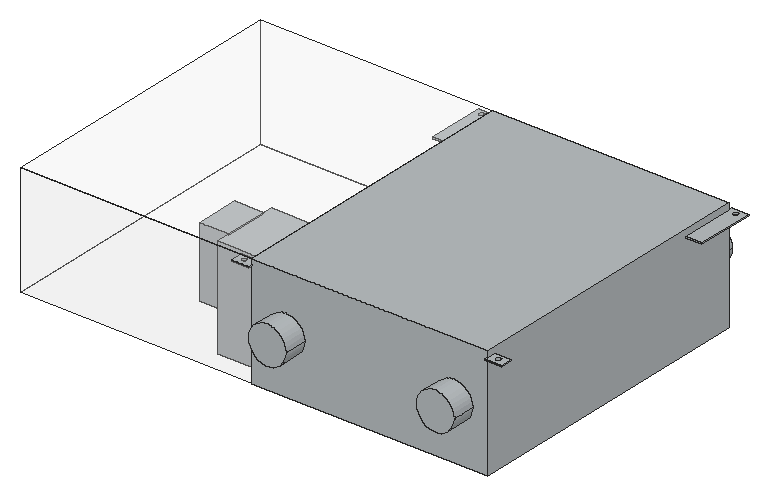
Revit family "2_天井埋込形 標準機種 100-200V_60Hz", category 機械設備, Revit 2019
Family settings
  丸型コネクタ寸法 = 直径を使用
  パーツ タイプ = 割り込み
  OmniClass 番号 = 23.75.10.34.21
  OmniClass タイトル = Heat Exchangers for Ventilation Air
  作業面ベース = いいえ
  常に垂直 = はい
  ロード時にボイドで切り取り = いいえ
  共有 = いいえ
  部屋計算ポイント = はい
Parameters (values of type "LGH-RN15RXV")
  騒音レベル(dB(A)) = 31
  風量 = MAX風量  # 150.0 m³/h
  面風速 = 5.31 m/s
  電源種別 [instance] = "一般"
  電圧 = 100 V
  電動機出力 = 0 W
  集中コントローラ = ""
  運転質量 = 0.00 kg
  連動 [instance] = ""
  質量 = if(製品質量 > 運転質量, 製品質量, 運転質量) * 1.2  # 27.60 kg
  負荷分類 = 3_ファン類
  説明 = "業務用ロスナイ 天井埋込形 DCリプレースマイコン"
  設計風量 = 0.0 m³/h
  設置方法 = "天井吊(隠ぺい)形"
  記号 [instance] = ""
  製造元 = "三菱電機株式会社"
  製品質量 = 23.00 kg
  製品出荷対象 = "国内"
  製品リリース年月 = "2020年7月20日"
  製品グループ = ""
  系統 [instance] = ""
  符号 [instance] = "HEU"
  積算_科目 = "1 空気調和設備"
  積算_拾い区分 [instance] = ""
  相 = 1
  盤記号 [instance] = ""
  発停方法 [instance] = "別売リモコン"
  特殊仕様 [instance] = ""
  点検口高さ = -Height / 2  # -145 mm
  点検口 = yes
  火災停止 [instance] = ""
  温度交換効率_特強 = 74.00%
  温度交換効率_強 = 74.00%
  温度交換効率_弱 = 78.00%
  消費電力 = 85 W
  法定耐用年数 = "15"
  機外静圧_排気 = 210.0 Pa
  機外静圧 = 210.0 Pa
  極数 = 2
  材質 [instance] = ""
  本体マテリアル = 溶融亜鉛めっき鋼板
  操作・制御方式 = ""
  操作・制御スイッチ = ""
  排気量 = 0.0 m³/h
  形式 = "天井埋込ダクト形"
  形名 = LGH-RN-2 : LGH-RN15-2
  幹線記号 [instance] = ""
  対象室 [instance] = ""
  始動方式 [instance] = "直入"
  外気量 = 設計風量  # 0.0 m³/h
  呼称 = "全熱交換ユニット"
  周波数 = 60 Hz
  吊りボルト-W = 658 mm
  吊りボルト-D = 768 mm
  参照している仕様書等のバージョン = "公共建築工事標準仕様書（機械設備工事編）平成31年度版"
  初期抵抗 = 0.0 Pa
  分類コード = "50052500000000"
  分類グループ = ""
  価格 = 219000
  企業コード = "108420"
  付属品_フィルター_還気 = ""
  付属品_フィルター = ""
  付属品 [instance] = ""
  仕様書バージョン = "Version1.0"
  モデル = "LGH-RN15RXV"
  ドレン管径 = 0 mm
  OAダクト変更表示 = no
  EAダクト変更表示 = no
  サービススペース = yes
  コメント [instance] = ""
  Keynote = ""
  エンタルピ交換効率_暖房_特強 = 75.50%
  エンタルピ交換効率_暖房_強 = 75.50%
  エンタルピ交換効率_暖房_弱 = 79.00%
  エンタルピ交換効率_冷房_特強 = 64.50%
  エンタルピ交換効率_冷房_強 = 64.50%
  エンタルピ交換効率_冷房_弱 = 69.00%
  Width = 610 mm
  Version = ""
  Uniclass2015Version = "Systems v1.9"
  Uniclass2015Title = "Thermal wheels"
  Uniclass2015Code = "Pr_60_60_36_88"
  URL = "https://www.mitsubishielectric.co.jp/ldg/wink/ssl/displayProduct.do?pid=306603"
  SpecificationReference = ""
  SpecificationDescription = ""
  SMAX風量 = 150.0 m³/h
  SMAX静圧 = 210.0 Pa
  SAサイズ_D = 97.5 mm
  Revision = ""
  RAサイズ_D = 97.5 mm
  ProductInformation = ""
  OmniClassCode = "23-27 23 19 11"
  OAサイズ_W = 0 mm
  OAサイズ_D = 97.5 mm
  MIN風量 = 66.0 m³/h
  MIN静圧 = 35.0 Pa
  MID風量 = 108.0 m³/h
  MID静圧 = 93.0 Pa
  MAX風量 = 150.0 m³/h
  MAX静圧 = 180.0 Pa
  M = 59 mm
  IfcTypeProduct = ""
  IfcProduct = ""
  IfcExportType = "ROTARYWHEEL"
  IfcExportAs = "IfcAirToAirHeatRecoveryType"
  Height = 290 mm
  EAサイズ_W = 0 mm
  EAサイズ_D = 97.5 mm
  Depth = 780 mm
  Clearance Top = 0 mm  # constant formula
  Clearance Right = 0 mm  # constant formula
  Clearance Left = 600 mm  # constant formula
  Clearance Front = 0 mm  # constant formula
  Clearance Bottom = 0 mm  # constant formula
  Clearance Back = 0 mm  # constant formula
  Author = "三菱電機株式会社"
Types (14, lengths in mm): name | 騒音レベル(dB(A)) | 風量 | 面風速 | 電圧 | 質量 | 製品質量 | 点検口高さ | 温度交換効率_特強 | 温度交換効率_強 | 温度交換効率_弱 | 消費電力 | 機外静圧_排気 | 機外静圧 | 極数 | 形名 | 吊りボルト-W | 吊りボルト-D | 参照している仕様書等のバージョン | 価格 | モデル | エンタルピ交換効率_暖房_特強 | エンタルピ交換効率_暖房_強 | エンタルピ交換効率_暖房_弱 | エンタルピ交換効率_冷房_特強 | エンタルピ交換効率_冷房_強 | エンタルピ交換効率_冷房_弱 | Width | URL | SMAX風量 | SMAX静圧 | SAサイズ_D | RAサイズ_D | OAサイズ_D | MIN風量 | MIN静圧 | MID風量 | MID静圧 | MAX風量 | MAX静圧 | M | Height | EAサイズ_D | Depth
  LGH-RN15RXV | 31 | 150.0 m³/h | 5.31 m/s | 100 V | 27.60 kg | 23.00 kg | -145 | 74.00% | 74.00% | 78.00% | 85 W | 210.0 Pa | 210.0 Pa | 2 | LGH-RN-2 : LGH-RN15-2 | 658 | 768 | "公共建築工事標準仕様書（機械設備工事編）平成31年度版" | 219000 | "LGH-RN15RXV" | 75.50% | 75.50% | 79.00% | 64.50% | 64.50% | 69.00% | 610 | "https://www.mitsubishielectric.co.jp/ldg/wink/ssl/displayProduct.do?pid=306603" | 150.0 m³/h | 210.0 Pa | 97.5 | 97.5 | 97.5 | 66.0 m³/h | 35.0 Pa | 108.0 m³/h | 93.0 Pa | 150.0 m³/h | 180.0 Pa | 59 | 290 | 97.5 | 780
  LGH-RN15RXVD | 31 | 150.0 m³/h | 5.31 m/s | 200 V | 27.60 kg | 23.00 kg | -145 | 74.00% | 74.00% | 78.00% | 85 W | 210.0 Pa | 210.0 Pa | 3 | LGH-RN-2 : LGH-RN15-2 | 658 | 768 | "公共建築工事標準仕様書（機械設備工事編）平成31年度版" | 219000 | "LGH-RN15RXVD" | 75.50% | 75.50% | 79.00% | 64.50% | 64.50% | 69.00% | 610 | "https://www.mitsubishielectric.co.jp/ldg/wink/ssl/displayProduct.do?pid=306604" | 150.0 m³/h | 210.0 Pa | 97.5 | 97.5 | 97.5 | 66.0 m³/h | 35.0 Pa | 108.0 m³/h | 93.0 Pa | 150.0 m³/h | 180.0 Pa | 59 | 290 | 97.5 | 780
  LGH-RN25RXV | 30 | 250.0 m³/h | 3.93 m/s | 100 V | 28.80 kg | 24.00 kg | -145 | 70.00% | 70.00% | 78.00% | 110 W | 170.0 Pa | 170.0 Pa | 2 | LGH-RN-2 : LGH-RN25-2 | 782 | 768 | "公共建築工事標準仕様書（機械設備工事編）平成31年度版" | 240000 | "LGH-RN25RXV" | 73.00% | 73.00% | 78.50% | 63.00% | 63.00% | 68.50% | 735 | "https://www.mitsubishielectric.co.jp/ldg/wink/ssl/displayProduct.do?pid=306606" | 250.0 m³/h | 170.0 Pa | 142 | 142 | 142 | 110.0 m³/h | 28.0 Pa | 180.0 m³/h | 75.0 Pa | 250.0 m³/h | 145.0 Pa | 69 | 290 | 142 | 780
  LGH-RN25RXVD | 30 | 250.0 m³/h | 3.93 m/s | 200 V | 28.80 kg | 24.00 kg | -145 | 70.00% | 70.00% | 78.00% | 110 W | 170.0 Pa | 170.0 Pa | 3 | LGH-RN-2 : LGH-RN25-2 | 782 | 768 | "公共建築工事標準仕様書（機械設備工事編）平成31年度版" | 240000 | "LGH-RN25RXVD" | 73.00% | 73.00% | 78.50% | 63.00% | 63.00% | 68.50% | 735 | "https://www.mitsubishielectric.co.jp/ldg/wink/ssl/displayProduct.do?pid=306607" | 250.0 m³/h | 170.0 Pa | 142 | 142 | 142 | 110.0 m³/h | 28.0 Pa | 180.0 m³/h | 75.0 Pa | 250.0 m³/h | 145.0 Pa | 69 | 290 | 142 | 780
  LGH-RN35RXV | 33 | 350.0 m³/h | 5.5 m/s | 100 V | 39.60 kg | 33.00 kg | -165 | 71.50% | 71.50% | 75.00% | 210 W | 300.0 Pa | 300.0 Pa | 2 | LGH-RN-2 : LGH-RN35-2 | 921 | 875 | "公共建築工事標準仕様書（機械設備工事編）平成31年度版" | 265000 | "LGH-RN35RXV" | 74.50% | 74.50% | 78.50% | 65.50% | 65.50% | 66.50% | 875 | "https://www.mitsubishielectric.co.jp/ldg/wink/ssl/displayProduct.do?pid=306608" | 350.0 m³/h | 300.0 Pa | 142 | 142 | 142 | 154.0 m³/h | 36.0 Pa | 252.0 m³/h | 96.0 Pa | 350.0 m³/h | 185.0 Pa | 69 | 330 | 142 | 890
  LGH-RN35RXVD | 33 | 350.0 m³/h | 5.5 m/s | 200 V | 39.60 kg | 33.00 kg | -165 | 71.50% | 71.50% | 75.00% | 210 W | 300.0 Pa | 300.0 Pa | 3 | LGH-RN-2 : LGH-RN35-2 | 921 | 875 | "公共建築工事標準仕様書（機械設備工事編）平成31年度版" | 265000 | "LGH-RN35RXVD" | 74.50% | 74.50% | 78.50% | 65.50% | 65.50% | 66.50% | 875 | "https://www.mitsubishielectric.co.jp/ldg/wink/ssl/displayProduct.do?pid=306609" | 350.0 m³/h | 300.0 Pa | 142 | 142 | 142 | 154.0 m³/h | 36.0 Pa | 252.0 m³/h | 96.0 Pa | 350.0 m³/h | 185.0 Pa | 69 | 330 | 142 | 890
  LGH-RN50RXV | 37 | 500.0 m³/h | 4.42 m/s | 100 V | 44.40 kg | 37.00 kg | -165 | 71.00% | 71.00% | 75.00% | 315 W | 310.0 Pa | 310.0 Pa | 2 | LGH-RN-2 : LGH-RN50-2 | 1063 | 875 | "公共建築工事標準仕様書（機械設備工事編）平成31年度版" | 326000 | "LGH-RN50RXV" | 73.00% | 73.00% | 77.50% | 63.00% | 63.00% | 66.50% | 1020 | "https://www.mitsubishielectric.co.jp/ldg/wink/ssl/displayProduct.do?pid=306610" | 500.0 m³/h | 310.0 Pa | 192 | 192 | 192 | 220.0 m³/h | 37.0 Pa | 360.0 m³/h | 98.0 Pa | 500.0 m³/h | 190.0 Pa | 84 | 330 | 192 | 890
  LGH-RN50RXVD | 37 | 500.0 m³/h | 4.42 m/s | 200 V | 44.40 kg | 37.00 kg | -165 | 71.00% | 71.00% | 75.00% | 315 W | 310.0 Pa | 310.0 Pa | 3 | LGH-RN-2 : LGH-RN50-2 | 1063 | 875 | "公共建築工事標準仕様書（機械設備工事編）平成31年度版" | 326000 | "LGH-RN50RXVD" | 73.00% | 73.00% | 77.50% | 63.00% | 63.00% | 66.50% | 1020 | "https://www.mitsubishielectric.co.jp/ldg/wink/ssl/displayProduct.do?pid=306611" | 500.0 m³/h | 310.0 Pa | 192 | 192 | 192 | 220.0 m³/h | 37.0 Pa | 360.0 m³/h | 98.0 Pa | 500.0 m³/h | 190.0 Pa | 84 | 330 | 192 | 890
  LGH-RN65RXV | 40 | 650.0 m³/h | 5.75 m/s | 100 V | 51.60 kg | 43.00 kg | -202 | 71.50% | 71.50% | 76.00% | 445 W | 320.0 Pa | 320.0 Pa | 2 | LGH-RN-2 : LGH-RN65-2 | 1001 | 895 | "公共建築工事標準仕様書（機械設備工事編）平成31年度版" | 436000 | "LGH-RN65RXV" | 72.00% | 72.00% | 76.00% | 63.00% | 63.00% | 67.00% | 892 | "https://www.mitsubishielectric.co.jp/ldg/wink/ssl/displayProduct.do?pid=306612" | 650.0 m³/h | 320.0 Pa | 192 | 192 | 192 | 286.0 m³/h | 45.0 Pa | 468.0 m³/h | 119.0 Pa | 650.0 m³/h | 230.0 Pa | 84 | 404 | 192 | 984
  LGH-RN65RXVD | 40 | 650.0 m³/h | 5.75 m/s | 200 V | 51.60 kg | 43.00 kg | -202 | 71.50% | 71.50% | 76.00% | 445 W | 320.0 Pa | 320.0 Pa | 3 | LGH-RN-2 : LGH-RN65-2 | 1001 | 895 | "公共建築工事標準仕様書（機械設備工事編）平成31年度版" | 436000 | "LGH-RN65RXVD" | 72.00% | 72.00% | 76.00% | 63.00% | 63.00% | 67.00% | 892 | "https://www.mitsubishielectric.co.jp/ldg/wink/ssl/displayProduct.do?pid=306613" | 650.0 m³/h | 320.0 Pa | 192 | 192 | 192 | 286.0 m³/h | 45.0 Pa | 468.0 m³/h | 119.0 Pa | 650.0 m³/h | 230.0 Pa | 84 | 404 | 192 | 984
  LGH-RN80RXV | 40 | 800.0 m³/h | 4.53 m/s | 100 V | 63.60 kg | 53.00 kg | -202 | 73.00% | 73.00% | 76.50% | 540 W | 310.0 Pa | 310.0 Pa | 2 | LGH-RN-2 : LGH-RN80-2 | 1051 | 1131 | "公共建築工事標準仕様書（機械設備工事編）平成31年度版" | 520000 | "LGH-RN80RXV" | 75.00% | 75.00% | 78.00% | 65.00% | 65.00% | 68.00% | 1004 | "https://www.mitsubishielectric.co.jp/ldg/wink/ssl/displayProduct.do?pid=306614" | 800.0 m³/h | 310.0 Pa | 242 | 242 | 242 | 352.0 m³/h | 37.0 Pa | 576.0 m³/h | 98.0 Pa | 800.0 m³/h | 190.0 Pa | 84 | 404 | 242 | 1144
  LGH-RN80RXVD | 40 | 800.0 m³/h | 4.53 m/s | 200 V | 63.60 kg | 53.00 kg | -202 | 73.00% | 73.00% | 76.50% | 540 W | 310.0 Pa | 310.0 Pa | 3 | LGH-RN-2 : LGH-RN80-2 | 1051 | 1131 | "公共建築工事標準仕様書（機械設備工事編）平成31年度版" | 520000 | "LGH-RN80RXVD" | 75.00% | 75.00% | 78.00% | 65.00% | 65.00% | 68.00% | 1004 | "https://www.mitsubishielectric.co.jp/ldg/wink/ssl/displayProduct.do?pid=306615" | 800.0 m³/h | 310.0 Pa | 242 | 242 | 242 | 352.0 m³/h | 37.0 Pa | 576.0 m³/h | 98.0 Pa | 800.0 m³/h | 190.0 Pa | 84 | 404 | 242 | 1144
  LGH-RN100RXV | 38 | 1000.0 m³/h | 5.66 m/s | 100 V | 69.60 kg | 58.00 kg | -202 | 73.00% | 73.00% | 75.00% | 580 W | 225.0 Pa | 225.0 Pa | 2 | LGH-RN-2 : LGH-RN100-2 | 1278 | 1131 | "" | 592000 | "LGH-RN100RXV" | 75.00% | 75.00% | 76.50% | 65.00% | 65.00% | 67.50% | 1231 | "https://www.mitsubishielectric.co.jp/ldg/wink/ssl/displayProduct.do?pid=306600" | 1000.0 m³/h | 225.0 Pa | 242 | 242 | 242 | 440.0 m³/h | 32.0 Pa | 720.0 m³/h | 86.0 Pa | 1000.0 m³/h | 165.0 Pa | 84 | 404 | 242 | 1144
  LGH-RN100RXVD | 38 | 1000.0 m³/h | 5.66 m/s | 200 V | 69.60 kg | 58.00 kg | -202 | 73.00% | 73.00% | 75.00% | 580 W | 225.0 Pa | 225.0 Pa | 3 | LGH-RN-2 : LGH-RN80-2 | 1278 | 1131 | "" | 592000 | "LGH-RN100RXVD" | 75.00% | 75.00% | 76.50% | 65.00% | 65.00% | 67.50% | 1231 | "https://www.mitsubishielectric.co.jp/ldg/wink/ssl/displayProduct.do?pid=306601" | 1000.0 m³/h | 225.0 Pa | 242 | 242 | 242 | 440.0 m³/h | 32.0 Pa | 720.0 m³/h | 86.0 Pa | 1000.0 m³/h | 165.0 Pa | 84 | 404 | 242 | 1144
Reference planes
  plane 1 "中心(正面/背面)": y = 0
  plane 2: z = 0
  plane 3 "中心(左/右)": x = 0
  plane 4 "4": x = 0
  plane 5 "3": x = 0
  plane 6 "左": x = -305
  plane 7 "右": x = 305
  plane 8 "背面": y = 390
  plane 9 "正面": y = -390
  plane 10: z = 145
  plane 11: y = 384
  plane 12: y = -384
  plane 13: x = 329
  plane 14: x = -329
  plane 15: z = -145
  plane 16: y = 390
  plane 17: y = -390
  plane 18: x = 305
  plane 19: x = -905
  plane 20: z = 145
  plane 21: z = -145
  plane 22: y = 225
  plane 23: y = -225
  plane 24: x = -455
Dimensions and locks
  equal spacing: plane 6 "左", plane 5 "3", plane 7 "右"
  "Width": plane 6 "左" to plane 7 "右"
  equal spacing: plane 9 "正面", plane 1 "中心(正面/背面)", plane 8 "背面"
  "Depth": plane 9 "正面" to plane 8 "背面"
  equal spacing: plane 10, level, plane 15
  "Height": plane 10 to plane 15
  equal spacing: plane 14, plane 5 "3", plane 13
  "吊りボルト-W": plane 14 to plane 13
  equal spacing: plane 12, plane 1 "中心(正面/背面)", plane 11
  "吊りボルト-D": plane 12 to plane 11
  "Clearance Front": plane 17 to plane 9 "正面"
  "Clearance Back": plane 8 "背面" to plane 16
  "Clearance Right": plane 7 "右" to plane 18
  "Clearance Left": plane 19 to plane 6 "左"
  "Clearance Bottom": plane 15 to plane 21
  "Clearance Top": plane 20 to plane 10
  plane 17 to plane 9 "正面" = 0 mm
  equal spacing: plane 23, plane 1 "中心(正面/背面)", plane 22
  locked: plane 23 to plane 22 at 450
  locked: plane 19 to plane 24 at 450
  aligned and locked: level to plane 2
  aligned and locked: nested 1 to plane 11
  aligned and locked: plane 12 to nested 1
  aligned and locked: plane 14 to nested 1
  aligned and locked: plane 13 to nested 1
  aligned and locked: plane 10 to nested 2
  aligned and locked: plane 19 to nested 3
  aligned and locked: plane 20 to nested 3
  aligned and locked: plane 21 to nested 3
  aligned and locked: plane 17 to nested 3
  aligned and locked: plane 16 to nested 3
  aligned and locked: plane 6 "左" to nested 3
  aligned and locked: nested 2 to plane 5 "3"
  aligned and locked: plane 1 "中心(正面/背面)" to nested 2
  aligned and locked: plane 24 to nested 4
  aligned and locked: plane 19 to nested 4
  aligned and locked: plane 22 to nested 4
  aligned and locked: nested 4 to plane 23
Nested families
  nested 1: "固定点" at (-329, -384, 0), type "固定点"
    with W 658 mm, D 768 mm
  nested 2: "LGH-RN-2" at (0, 0, -145) x (0, -1, 0) z (0, 0, 1), type <- "形名", type "LGH-RN15-2"
    with EA一般 yes, EA変更 no
  nested 3: "サービススペース" at (-605, 0, 0), visible <- "サービススペース", type "サービススペース"
    with Width 600 mm, Height 290 mm, Depth 780 mm
  nested 4: "点検口設置範囲" at (-680, 0, -145), visible <- "点検口", built-in parameter 1001364 <- "点検口高さ", type "点検口設置範囲"
    with Width 450 mm, Depth 450 mm
Connectors
  hvac at (-217.5, -449, 0), driven by "SAサイズ_D", driven by "機外静圧", driven by "風量"
    settings: on nested 2, index 2, duct flow 150.0 m³/h, flow factor 0, pres drop 210.0 Pa, loss coef 0, conn angle 0.00°, conn width 304.8 mm, conn height 304.8 mm, conn diameter 97.5 mm, duct sys type 1, conn prof type 0, flow config 0, flow direction 2, loss method 4, conn ref index -1, conn util no, is conn primary yes, conn desc ""
  hvac at (217.5, -449, 0), driven by "RAサイズ_D", driven by "機外静圧", driven by "風量"
    settings: on nested 2, index 3, duct flow 150.0 m³/h, flow factor 0, pres drop 210.0 Pa, loss coef 0, conn angle 0.00°, conn width 304.8 mm, conn height 304.8 mm, conn diameter 97.5 mm, duct sys type 2, conn prof type 0, flow config 0, flow direction 1, loss method 4, conn ref index -1, conn util no, is conn primary no, conn desc ""
  hvac at (-217.5, 449, 0), driven by "EAサイズ_D", driven by "機外静圧", driven by "排気量"
    settings: on nested 2, index 4, duct flow 0.0 m³/h, flow factor 0, pres drop 210.0 Pa, loss coef 0, conn angle 0.00°, conn width 304.8 mm, conn height 304.8 mm, conn diameter 97.5 mm, duct sys type 3, conn prof type 0, flow config 0, flow direction 2, loss method 4, conn ref index -1, conn util no, is conn primary no, conn desc ""
  hvac at (-217.5, 449, 0), driven by "OAサイズ_D", driven by "機外静圧", driven by "外気量"
    settings: on nested 2, index 5, duct flow 0.0 m³/h, flow factor 0, pres drop 210.0 Pa, loss coef 0, conn angle 0.00°, conn width 304.8 mm, conn height 304.8 mm, conn diameter 97.5 mm, duct sys type 1, conn prof type 0, flow config 0, flow direction 1, loss method 4, conn ref index -1, conn util no, is conn primary no, conn desc ""
  hvac at (217.5, 449, 0), driven by "EAサイズ_D", driven by "機外静圧", driven by "排気量"
    settings: on nested 2, index 7, duct flow 0.0 m³/h, flow factor 0, pres drop 210.0 Pa, loss coef 0, conn angle 0.00°, conn width 304.8 mm, conn height 304.8 mm, conn diameter 97.5 mm, duct sys type 3, conn prof type 0, flow config 0, flow direction 2, loss method 4, conn ref index -1, conn util no, is conn primary no, conn desc ""
  hvac at (-364, 272, 0), driven by "OAサイズ_D", driven by "機外静圧", driven by "外気量"
    settings: on nested 2, index 8, duct flow 0.0 m³/h, flow factor 0, pres drop 210.0 Pa, loss coef 0, conn angle 0.00°, conn width 304.8 mm, conn height 304.8 mm, conn diameter 97.5 mm, duct sys type 1, conn prof type 0, flow config 0, flow direction 1, loss method 4, conn ref index -1, conn util no, is conn primary no, conn desc ""
  hvac at (364, 272, 0), driven by "EAサイズ_D", driven by "機外静圧", driven by "排気量"
    settings: on nested 2, index 9, duct flow 0.0 m³/h, flow factor 0, pres drop 210.0 Pa, loss coef 0, conn angle 0.00°, conn width 304.8 mm, conn height 304.8 mm, conn diameter 97.5 mm, duct sys type 3, conn prof type 0, flow config 0, flow direction 2, loss method 4, conn ref index -1, conn util no, is conn primary no, conn desc ""
  electrical at (-362.5, -357, -0.5), driven by "極数", driven by "負荷分類", driven by "電圧", driven by "消費電力"
    settings: on nested 2, index 10, voltage 100 V, apparent load 85 VA, apparent load phase1 0 VA, apparent load phase2 0 VA, apparent load phase3 0 VA, power factor 1, load classification "3_ファン類", number of poles 2, system type 30, power factor state 1, is connector primary yes, connector utility no, sub classification motor no, connector description ""
Definition of nested family "LGH-RN-2"
  Parameters (values of type "LGH-RN15-2")
    吊りボルト-φ = 13 mm
    吊りボルト-W1 = 768 mm
    吊りボルト-D1 = 658 mm
    マテリアル = none
    ダクト間 = 435 mm
    ダクト変更位置 = 118 mm
    OA一般 = not(OA変更)  # yes
    OA変更 = no
    EA一般 = not(EA変更)  # no
    EA変更 = yes
    コントロール手前位置 = 33 mm
    コントロール上位置 = 15 mm
    φ = 97.5 mm
    Φ = 110 mm
    吊りボルト-H = 15 mm
    M = 59 mm
    W = 780 mm
    H = 290 mm
    D = 610 mm
    CO2センサー手前位置 = 69 mm
    CO2センサー上位置 = 14 mm
  Types (7, lengths in mm): name | 吊りボルト-W1 | 吊りボルト-D1 | ダクト間 | ダクト変更位置 | コントロール手前位置 | コントロール上位置 | φ | Φ | 吊りボルト-H | M | W | H | D | CO2センサー手前位置 | CO2センサー上位置
    LGH-RN100-2 | 1131 | 1278 | 917 | 165 | 146 | 88 | 242 | 258 | 15 | 84 | 1144 | 404 | 1231 | 182 | 87
    LGH-RN80-2 | 1131 | 1051 | 690 | 165 | 146 | 88 | 242 | 258 | 15 | 84 | 1144 | 404 | 1004 | 182 | 87
    LGH-RN65-2 | 895 | 1001 | 620 | 122 | 71 | 57 | 192 | 208 | 15 | 84 | 984 | 404 | 892 | 107 | 56
    LGH-RN35-2 | 875 | 921 | 600 | 140 | 68 | 23 | 142 | 160 | 19 | 69 | 890 | 330 | 875 | 104 | 22
    LGH-RN25-2 | 768 | 782 | 520 | 118 | 33 | 15 | 142 | 160 | 15 | 69 | 780 | 290 | 735 | 69 | 14
    LGH-RN50-2 | 875 | 1063 | 700 | 130 | 68 | 23 | 192 | 208 | 19 | 84 | 890 | 330 | 1020 | 104 | 22
    LGH-RN15-2 | 768 | 658 | 435 | 118 | 33 | 15 | 97.5 | 110 | 15 | 59 | 780 | 290 | 610 | 69 | 14
  Reference planes
    plane 1 "中心(正面/背面)": y = 0
    plane 2: z = 0
    plane 3 "中心(左/右)": x = 0
    plane 4: y = 305
    plane 5: y = 329
    plane 6: y = 349
    plane 7: y = -305
    plane 8: y = -329
    plane 9: y = -349
    plane 10: x = -390
    plane 11: x = 390
    plane 12: z = 290
    plane 13: x = -213
    plane 14: x = 449
    plane 15: x = -449
    plane 16: z = 145
    plane 17: y = 217.5
    plane 18: y = -217.5
    plane 19: x = -384
    plane 20: x = 384
    plane 21: x = 130
    plane 22: x = -130
    plane 23: y = -420
    plane 24: y = -495
    plane 25: x = 357
    plane 26: x = 381.333
    plane 27: x = 182
    plane 28: z = 241.667
    plane 29: z = 193.333
    plane 30: z = 96.667
    plane 31: z = 48.333
    plane 32: x = 321
    plane 33: x = 208
    plane 34: x = -399
    plane 35: x = 399
    plane 36: x = 369
    plane 37: x = -249
    plane 38: z = 275
    plane 39: z = 272
    plane 40: z = 275
    plane 41: z = 276
    plane 42: z = 94
    plane 43: z = 14
    plane 44: x = -272
    plane 45: y = -364
    plane 46: y = 364
  Forms (mm)
    Extrusion 1, solid, material <- "マテリアル", detail levels fine
      sketch origin (0, 0, 0) x (1, 0, 0) y (0, 1, 0)
        loop
          line (-390, 305) -> (-390, -305) -> (390, -305) -> (390, 305) -> (-390, 305)
      from 0 to 290
    Extrusion 2, solid, material <- "マテリアル", visible <- "OA一般", detail levels fine
      sketch origin (0, 0, 0) x (0, 1, 0) y (0, 0, 1)
        loop
          circle (-217.5, 145) r 48.75
      from -390 to -449
    Extrusion 3, solid, material <- "マテリアル", detail levels fine
      sketch origin (0, 0, 0) x (0, 1, 0) y (0, 0, -1)
        loop
          circle (-217.5, -145) r 48.75
        loop
          circle (217.5, -145) r 48.75
      from -390 to -449
    Extrusion 4, solid, material <- "マテリアル", detail levels fine
      sketch origin (0, 0, 0) x (1, 0, 0) y (0, 0, 1)
        loop
          line (182, 275) -> (182, 14) -> (357, 14) -> (357, 275) -> (182, 275)
      from 305 to 420
    Extrusion 5, solid, material <- "マテリアル", detail levels fine
      sketch origin (0, 0, 0) x (1, 0, 0) y (0, 0, 1)
        loop
          line (208, 276) -> (208, 94) -> (321, 94) -> (321, 276) -> (208, 276)
      from 420 to 495
    Extrusion 6, solid, material <- "マテリアル", detail levels fine
      sketch origin (0, 0, 0) x (1, 0, 0) y (0, 1, 0)
        loop
          line (-399, 349) -> (-399, 305) -> (-249, 305) -> (-249, 349) -> (-399, 349)
        loop
          line (-399, -305) -> (-399, -349) -> (-249, -349) -> (-249, -305) -> (-399, -305)
        loop
          line (369, 349) -> (369, 305) -> (399, 305) -> (399, 349) -> (369, 349)
        loop
          line (369, -349) -> (399, -349) -> (399, -305) -> (369, -305) -> (369, -349)
        loop
          circle (-384, 329) r 6.5
        loop
          circle (384, 329) r 6.5
        loop
          circle (-384, -329) r 6.5
        loop
          circle (384, -329) r 6.5
      from 272 to 275
    Extrusion 7, solid, material <- "マテリアル", visible <- "OA変更", detail levels fine
      sketch origin (0, 0, 0) x (1, 0, 0) y (0, 0, 1)
        loop
          circle (-272, 145) r 48.75
      from 305 to 364
    Extrusion 8, solid, material <- "マテリアル", visible <- "EA変更", detail levels fine
      sketch origin (0, 0, 0) x (1, 0, 0) y (0, 0, -1)
        loop
          circle (-272, -145) r 48.75
      from 305 to 364
    Extrusion 9, solid, material <- "マテリアル", visible <- "EA一般", detail levels fine
      sketch origin (0, 435, 0) x (0, 1, 0) y (0, 0, 1)
        loop
          circle (-217.5, 145) r 48.75
      from -390 to -449
  Dimensions and locks
    "W": plane 10 to plane 11
    "吊りボルト-D1": plane 8 to plane 5
    "D": plane 7 to plane 4
    equal spacing: plane 7, plane 1 "中心(正面/背面)", plane 4
    equal spacing: plane 10, plane 3 "中心(左/右)", plane 11
    "H": plane 12 to level
    "M": plane 15 to plane 10
    "M": plane 11 to plane 14
    equal spacing: plane 8, plane 1 "中心(正面/背面)", plane 5
    equal spacing: plane 18, plane 1 "中心(正面/背面)", plane 17
    "ダクト間": plane 18 to plane 17
    equal spacing: plane 19, plane 3 "中心(左/右)", plane 20
    "吊りボルト-W1": plane 19 to plane 20
    plane 15 to plane 14 = 898 mm
    equal spacing: plane 10, plane 22, plane 21, plane 11
    plane 11 to plane 21 to plane 22 to plane 10 = 260 mm, 260 mm, 260 mm
    locked: plane 23 to plane 7 at 115
    locked: plane 24 to plane 7 at 190
    equal spacing: plane 12, plane 28, plane 29, plane 16, plane 30, plane 31, level
    locked: plane 5 to plane 6 at 20
    locked: plane 9 to plane 8 at 20
    locked: plane 38 to plane 39 at 3
    "吊りボルト-H": plane 12 to plane 38
    locked: plane 19 to plane 37 at 135
    locked: plane 36 to plane 20 at 15
    locked: plane 34 to plane 10 at 9
    locked: plane 11 to plane 35 at 9
    locked: plane 33 to plane 32 at 113
    locked: plane 27 to plane 25 at 175
    "CO2センサー手前位置": plane 32 to plane 11
    "コントロール手前位置": plane 25 to plane 11
    "コントロール上位置": plane 12 to plane 40
    locked: plane 40 to plane 43 at 261
    "CO2センサー上位置": plane 12 to plane 41
    locked: plane 41 to plane 42 at 182
    "ダクト変更位置": plane 10 to plane 44
    "M": plane 45 to plane 7
    "M": plane 4 to plane 46
    "φ": diameter of Extrusion 2 sketch curve
    "φ": diameter of Extrusion 3 sketch curve  (x2)
    "吊りボルト-φ": diameter of Extrusion 6 sketch curve  (x4)
    "φ": diameter of Extrusion 7 sketch curve
    "φ": diameter of Extrusion 8 sketch curve
    "φ": diameter of Extrusion 9 sketch curve
    aligned and locked: level to plane 2
    aligned and locked: plane 4 to Extrusion 1 sketch curve
    aligned and locked: plane 10 to Extrusion 1 sketch curve
    aligned and locked: Extrusion 1 sketch curve to plane 7
    aligned and locked: Extrusion 1 sketch curve to plane 11
    aligned and locked: plane 12 to Extrusion 1
    aligned and locked: plane 16 to Extrusion 2 sketch curve
    aligned and locked: Extrusion 2 to plane 15
    aligned and locked: plane 14 to Extrusion 3
    aligned and locked: plane 18 to Extrusion 3 sketch curve
    aligned and locked: plane 16 to Extrusion 3 sketch curve  (x2)
    aligned and locked: plane 18 to Extrusion 2 sketch curve
    aligned and locked: plane 17 to Extrusion 3 sketch curve
    aligned and locked: Extrusion 4 sketch curve to plane 25
    aligned and locked: plane 27 to Extrusion 4 sketch curve
    aligned and locked: plane 33 to Extrusion 5 sketch curve
    aligned and locked: Extrusion 5 sketch curve to plane 32
    aligned and locked: plane 7 to Extrusion 4
    aligned and locked: plane 23 to Extrusion 4
    aligned and locked: plane 23 to Extrusion 5
    aligned and locked: plane 24 to Extrusion 5
    aligned and locked: plane 6 to Extrusion 6 sketch curve  (x2)
    aligned and locked: plane 34 to Extrusion 6 sketch curve  (x2)
    aligned and locked: Extrusion 6 sketch curve to plane 4  (x2)
    aligned and locked: Extrusion 6 sketch curve to plane 37  (x2)
    aligned and locked: plane 7 to Extrusion 6 sketch curve
    aligned and locked: Extrusion 6 sketch curve to plane 9
    aligned and locked: Extrusion 6 sketch curve to plane 35
    aligned and locked: plane 9 to Extrusion 6 sketch curve
    aligned and locked: Extrusion 6 sketch curve to plane 7
    aligned and locked: plane 35 to Extrusion 6 sketch curve
    aligned and locked: plane 8 to Extrusion 6 sketch curve  (x2)
    aligned and locked: plane 5 to Extrusion 6 sketch curve  (x2)
    aligned and locked: plane 19 to Extrusion 6 sketch curve  (x2)
    aligned and locked: plane 20 to Extrusion 6 sketch curve  (x2)
    aligned and locked: Extrusion 6 to plane 39
    aligned and locked: plane 38 to Extrusion 6
    aligned and locked: Extrusion 6 sketch curve to plane 36  (x2)
    aligned and locked: plane 42 to Extrusion 5 sketch curve
    aligned and locked: Extrusion 5 sketch curve to plane 41
    aligned and locked: Extrusion 4 sketch curve to plane 40
    aligned and locked: plane 43 to Extrusion 4 sketch curve
    aligned and locked: plane 16 to Extrusion 7 sketch curve
    aligned and locked: plane 44 to Extrusion 7 sketch curve
    aligned and locked: plane 45 to Extrusion 7
    aligned and locked: plane 16 to Extrusion 8 sketch curve
    aligned and locked: plane 44 to Extrusion 8 sketch curve
    aligned and locked: Extrusion 8 to plane 46
    aligned and locked: Extrusion 9 to plane 15
    aligned and locked: plane 16 to Extrusion 9 sketch curve
    aligned and locked: plane 17 to Extrusion 9 sketch curve
    aligned and locked: Extrusion 3 to plane 11
    aligned and locked: plane 10 to Extrusion 2
    aligned and locked: plane 10 to Extrusion 9
    aligned and locked: plane 4 to Extrusion 8
    aligned and locked: Extrusion 7 to plane 7
Definition of nested family "サービススペース"
  Parameters (values of type "サービススペース")
    Width [instance] = 500 mm
    Height [instance] = 500 mm
    Depth [instance] = 500 mm
  Reference planes
    plane 1 "中心(正面/背面)": y = 0
    plane 2: z = 0
    plane 3 "中心(左/右)": x = 0
    plane 4: y = -250
    plane 5: x = 250
    plane 6: y = 250
    plane 7: x = -250
    plane 8: z = 250
    plane 9: z = -250
  Forms (mm)
    Extrusion 1, solid
      sketch origin (-638.939, 0, 72.39) x (1, 0, 0) y (0, 1, 0)
        loop
          line (388.939, 250) -> (388.939, -250) -> (888.939, -250) -> (888.939, 250) -> (388.939, 250)
      from -322.39 to 177.61
  Lines and regions (mm)
    symbolic lines
      curve 1: line (-250, 0, 250) -> (250, 0, 250)
      curve 2: line (-250, 0, -250) -> (-250, 0, 250)
      curve 3: line (250, 0, -250) -> (-250, 0, -250)
      curve 4: line (250, 0, 250) -> (250, 0, -250)
      curve 5: line (0, -250, 250) -> (0, 250, 250)
      curve 6: line (0, -250, -250) -> (0, -250, 250)
      curve 7: line (0, 250, -250) -> (0, -250, -250)
      curve 8: line (0, 250, 250) -> (0, 250, -250)
      curve 9: line (-250, 250, 0) -> (250, 250, 0)
      curve 10: line (-250, -250, 0) -> (-250, 250, 0)
      curve 11: line (250, -250, 0) -> (-250, -250, 0)
      curve 12: line (250, 250, 0) -> (250, -250, 0)
  Dimensions and locks
    equal spacing: plane 7, plane 3 "中心(左/右)", plane 5
    equal spacing: plane 4, plane 1 "中心(正面/背面)", plane 6
    "Depth": plane 4 to plane 6
    "Width": plane 7 to plane 5
    equal spacing: plane 8, plane 2, plane 9
    "Height": plane 8 to plane 9
    aligned and locked: plane 9 to curve 3
    aligned and locked: plane 7 to curve 2
    aligned and locked: curve 4 to plane 5
    aligned and locked: plane 5 to Extrusion 1
    aligned and locked: Extrusion 1 to plane 7
    aligned and locked: Extrusion 1 to plane 9
    aligned and locked: plane 8 to Extrusion 1
    aligned and locked: plane 9 to curve 7
  Automatic sketch dimensions
    plane 4 to Extrusion 1 sketch curve = 0 mm
    Extrusion 1 sketch curve to plane 7 = 0 mm
    Extrusion 1 sketch curve to plane 5 = 0 mm
    plane 6 to Extrusion 1 sketch curve = 0 mm
    curve 2 to plane 8 = 0 mm
    plane 4 to curve 11 = 0 mm
    curve 11 to plane 7 = 0 mm
    curve 11 to plane 5 = 0 mm
    plane 6 to curve 10 = 0 mm
    curve 7 to plane 4 = 0 mm
    curve 7 to plane 6 = 0 mm
    curve 6 to plane 8 = 0 mm
Definition of nested family "固定点"
  Parameters (values of type "固定点")
    中心円 = 11 mm
    W [instance] = 1000 mm
    D [instance] = 1000 mm
  Reference planes
    plane 1 "中心(正面/背面)": y = 0
    plane 2: z = 0
    plane 3 "中心(左/右)": x = 0
    plane 4: x = 1000
    plane 5: y = 1000
  Lines and regions (mm)
    symbolic lines, detail levels fine
      curve 1: circle (0, 1000, 0) r 5.5 normal (0, 0, 1)
      curve 2: circle (0, 0, 0) r 5.5 normal (0, 0, 1)
      curve 3: circle (1000, 1000, 0) r 5.5 normal (0, 0, 1)
      curve 4: circle (1000, 0, 0) r 5.5 normal (0, 0, 1)
      curve 5: line (-200, 1000, 0) -> (1200, 1000, 0)
      curve 6: line (-200, 0, 0) -> (1200, 0, 0)
      curve 7: line (0, 1200, 0) -> (0, -200, 0)
      curve 8: line (1000, 1200, 0) -> (1000, -200, 0)
  Dimensions and locks
    "W": plane 3 "中心(左/右)" to plane 4
    "D": plane 1 "中心(正面/背面)" to plane 5
    "中心円": diameter of curve 1
    "中心円": diameter of curve 2
    "中心円": diameter of curve 3
    "中心円": diameter of curve 4
    aligned and locked: level to plane 2
    aligned and locked: plane 5 to curve 1
    aligned and locked: plane 3 "中心(左/右)" to curve 1
    aligned and locked: plane 3 "中心(左/右)" to curve 2
    aligned and locked: plane 1 "中心(正面/背面)" to curve 2
    aligned and locked: plane 4 to curve 3
    aligned and locked: plane 5 to curve 3
    aligned and locked: plane 1 "中心(正面/背面)" to curve 4
    aligned and locked: plane 4 to curve 4
    aligned and locked: plane 1 "中心(正面/背面)" to curve 6
    aligned and locked: curve 7 to plane 3 "中心(左/右)"
    aligned and locked: curve 8 to plane 4
  Automatic sketch dimensions
    curve 5 to plane 5 = 0 mm
    curve 6 to plane 3 "中心(左/右)" = 200 mm
    curve 5 to plane 3 "中心(左/右)" = 200 mm
    curve 4 to curve 6 = 200 mm
    curve 3 to curve 5 = 200 mm
    plane 1 "中心(正面/背面)" to curve 8 = 200 mm
    plane 1 "中心(正面/背面)" to curve 7 = 200 mm
    curve 3 to curve 8 = 200 mm
    curve 1 to curve 7 = 200 mm
Definition of nested family "点検口設置範囲"
  Parameters (values of type "点検口設置範囲")
    Width [instance] = 1000 mm
    Depth [instance] = 700 mm
  Reference planes
    plane 1 "中心(正面/背面)": y = 0
    plane 2: z = 0
    plane 3 "中心(左/右)": x = 0
    plane 4: x = -500
    plane 5: x = 500
    plane 6: y = -350
    plane 7: y = 350
  Lines and regions (mm)
    model lines
      curve 1: line (-500, 350, 0) -> (500, 350, 0)
      curve 2: line (-500, -350, 0) -> (-500, 350, 0)
      curve 3: line (500, -350, 0) -> (-500, -350, 0)
      curve 4: line (500, 350, 0) -> (500, -350, 0)
  Dimensions and locks
    "Depth": plane 7 to plane 6
    "Width": plane 4 to plane 5
    equal spacing: plane 7, plane 1 "中心(正面/背面)", plane 6
    equal spacing: plane 4, plane 3 "中心(左/右)", plane 5
    aligned and locked: level to plane 2
    aligned and locked: plane 4 to curve 2
    aligned and locked: curve 1 to plane 7
    aligned and locked: curve 4 to plane 5
    aligned and locked: plane 6 to curve 3
